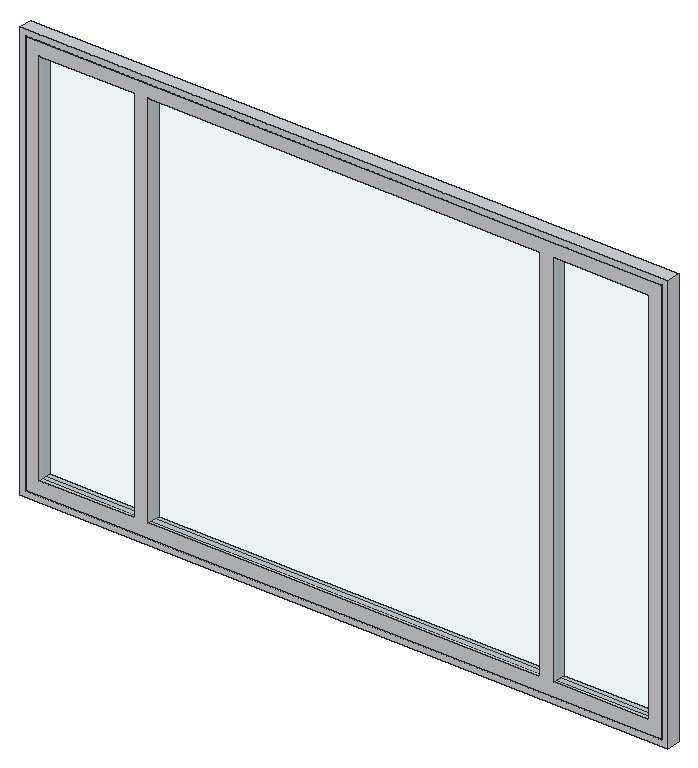
Revit family "AVLN_Окно_3 створки", category Окна, Revit 2021
Family settings
  Основа = Стена
  Номер OmniClass = 23.30.20.00
  Заголовок OmniClass = Windows
  Всегда вертикально = Да
  При загрузке вырезать с полостями = Нет
  Общий = Нет
  Точка принадлежности помещению = Нет
Parameters (values of type "Для копирования!")
  Ширина рамы = 70 mm
  Ширина импоста = 50 mm
  Четверть слева/справа = 50 mm
  Четверть низ = 0 mm  # constant formula
  Четверть верх = 50 mm
  Фрамуга_снизу_высота = 1000 mm
  Центр открывание = АВЛН_Створка открывная : Створка глухая
  Право открывание = АВЛН_Створка открывная : Створка глухая
  Лево открывание = АВЛН_Створка открывная : Створка глухая
  Створка_толщина = 25 mm  # constant formula
  Толщина основы [instance] = 200 mm
  Створка_ центр_ширина = Width - ((Монтажный зазор * 2) + (Ширина рамы * 4) + Створка_слева_ширина + Створка_справа_ширина)  # 2060 mm
  Створка_справа_ширина = 500 mm
  Створка_слева_ширина = 500 mm
  Створка_профиль = 50 mm
  Створка_высота = Height - ((Ширина рамы * 2) + (Монтажный зазор * 2))  # 2000 mm
  Rough Width = Width - Монтажный зазор * 2  # 3340 mm
  Rough Height = Height - Монтажный зазор * 2  # 2140 mm
  Подстановочный профиль_Ширина = 20 mm  # constant formula
  Подстановочный профиль_Толщина = 60 mm
  Подоконник_Толщина = 20 mm
  Подоконник_Длина = Width  # 3400 mm
  Подоконник_Глубина = 280 mm
  Подоконник = no
  Глубина вставки = 0 mm
  Отлив_Толщина = 1 mm  # constant formula
  Отлив_Длина = Width - [Четверть слева/справа] * 2  # 3300 mm
  Отлив_Глубина = 280 mm
  Отлив = no
  Откос_Н.Ширина = Width - 2 * [Четверть слева/справа]  # 3300 mm
  Откос_Н.Толщина.8 = 32 mm
  Откос_Н.Толщина.7 = 28 mm
  Откос_Н.Толщина.6 = 24 mm
  Откос_Н.Толщина.5 = 20 mm
  Откос_Н.Толщина.4 = 16 mm
  Откос_Н.Толщина.3 = 12 mm
  Откос_Н.Толщина.2 = 8 mm
  Откос_Н.Толщина.1 = 4 mm
  Откос_Н.Отступ_П = 0 mm  # constant formula
  Откос_Н.Отступ_Л = 0 mm  # constant formula
  Откос_Н.Количество слоев = 0
  Откос_Н.Глубина = 150 mm
  Откос_Н.Высота = Height - Четверть верх - Четверть низ  # 2150 mm
  Откос_В.Толщина.8 = 32 mm
  Откос_В.Толщина.7 = 28 mm
  Откос_В.Толщина.6 = 24 mm
  Откос_В.Толщина.5 = 20 mm
  Откос_В.Толщина.4 = 16 mm
  Откос_В.Толщина.3 = 12 mm
  Откос_В.Толщина.2 = 8 mm
  Откос_В.Толщина.1 = 4 mm
  Откос_В.Отступ_П [instance] = Монтажный зазор + Подоконник_Толщина  # 50 mm
  Откос_В.Отступ_Л [instance] = Монтажный зазор + Подоконник_Толщина  # 50 mm
  Откос_В.Количество слоев = 0
  Откос_В.Глубина [instance] = Толщина основы - Глубина вставки - Ширина рамы  # 130 mm
  Монтажный зазор = 30 mm
  М.Подоконник = none
  М.Отлив = none
  М.Откос_Н.8 = none
  М.Откос_Н.7 = none
  М.Откос_Н.6 = none
  М.Откос_Н.5 = none
  М.Откос_Н.4 = none
  М.Откос_Н.3 = none
  М.Откос_Н.2 = none
  М.Откос_Н.1 = none
  М.Откос_В.8 = none
  М.Откос_В.7 = none
  М.Откос_В.6 = none
  М.Откос_В.5 = none
  М.Откос_В.4 = none
  М.Откос_В.3 = none
  М.Откос_В.2 = none
  М.Откос_В.1 = none
  М.Монтажного зазора = none
  М.Стекла = Стекло
  М.Рамы = none
  М.Подоконный профиль = none
  Type Comments = ""
  Height = 2200 mm
  Высота подоконника по умолчанию = 800 mm
  Замыкание стены = По основе
  Width = 3400 mm
  Аналитическая конструкция = "<Нет>"
  АВЛН_Проем_Ширина [instance] = Width  # 3400 mm
  АВЛН_Проем_Высота [instance] = Height  # 2200 mm
  ADSK_Этаж [instance] = ""
  ADSK_Размер_Ширина = Width  # 3400 mm
  ADSK_Размер_Высота = Height  # 2200 mm
  ADSK_Примечание [instance] = ""
  ADSK_Площадь = Height * Width  # 7.48 m²
  ADSK_Обозначение = ""
  ADSK_Номер секции [instance] = ""
  ADSK_Наименование = ""
  ADSK_Марка = ""
  ADSK_Группирование = ""
  -----------Разрезка----------- = "-----------"  # constant formula
  -----------Профили----------- = "-----------"  # constant formula
  -----------Подоконник----------- = "-----------"  # constant formula
  -----------Отлив----------- = "-----------"  # constant formula
  -----------Откос----------- = "-----------"  # constant formula
  -----------Основные габариты----------- = "-----------"  # constant formula
  -----------Вставка----------- = "-----------"  # constant formula
Reference planes
  plane 1 "По центру (Вперед/Назад)": y = 0
  plane 2 "По центру (Влево/Вправо)": x = 0
  plane 3 "Слева": x = -1700
  plane 4 "Справа": x = 1700
  plane 5 "Подоконник": z = 800
  plane 6 "Заголовок": z = 3000
  plane 7 "Наружный": y = 100
  plane 8 "Внутренние": y = -100
  plane 9 "Окно": y = 100
  plane 10: x = 1670
  plane 11: z = 2970
  plane 12: x = -1670
  plane 13: z = 830
  plane 14: x = 1650
  plane 15: x = -1650
  plane 16: z = 1900
  plane 17: y = 600
  plane 18: y = -400
  plane 19: z = 2950
  plane 20 "Чет. низ": z = 800
  plane 21 "Внутренняя грань": y = 30
  plane 22: y = 80
  plane 23 "Импост низ": z = 1900
  plane 24: z = 900
  plane 25: z = 2900
  plane 26: x = -1600
  plane 27: x = 1600
  plane 28 "5": x = -1100
  plane 29 "7": x = 1030
  plane 30 "8": x = 1100
  plane 31 "9": x = -1065
  plane 32 "10": x = 1350
  plane 33 "11": x = -1350
  plane 34 "14": x = 0
  plane 35 "16": x = -1030
  plane 36: z = 1900
Forms (mm)
  Extrusion 1, void
    sketch origin (0, 100, 0) x (1, 0, 0) y (0, 0, 1)
      loop
        line (1650, 2950) -> (-1650, 2950) -> (-1650, 800) -> (1650, 800) -> (1650, 2950)
    from -500 to 20
  Extrusion 2, void
    sketch origin (0, 100, 0) x (1, 0, 0) y (0, 0, 1)
      loop
        line (1700, 3000) -> (-1700, 3000) -> (-1700, 800) -> (1700, 800) -> (1700, 3000)
    from 0 to 500
  Extrusion 3, solid, material <- "М.Монтажного зазора", detail levels medium+fine
    sketch origin (0, 100, 0) x (1, 0, 0) y (0, 0, 1)
      loop
        line (1700, 3000) -> (-1700, 3000) -> (-1700, 800) -> (1700, 800) -> (1700, 3000)
      loop
        line (-1670, 2970) -> (-1670, 830) -> (1670, 830) -> (1670, 2970) -> (-1670, 2970)
    from 0 to 70
  Extrusion 4, solid, material <- "М.Рамы", detail levels medium+fine
    sketch origin (0, 100, 0) x (-1, 0, 0) y (0, 0, 1)
      loop
        line (-1670, 2970) -> (-1670, 830) -> (1670, 830) -> (1670, 2970) -> (-1670, 2970)
      loop
        line (-1030, 900) -> (1030, 900) -> (1030, 2900) -> (-1030, 2900) -> (-1030, 900)
      loop
        line (-1100, 2900) -> (-1600, 2900) -> (-1600, 900) -> (-1100, 900) -> (-1100, 2900)
      loop
        line (1100, 2900) -> (1100, 900) -> (1600, 900) -> (1600, 2900) -> (1100, 2900)
    from -70 to 0
Lines and regions (mm)
  reference lines
    curve 1: line (1065, -100, 3000) -> (1065, -100, 800)
    curve 2: line (-1065, -100, 3000) -> (-1065, -100, 800)
Text (mm)
  text "EXTERIOR" at (-1963.203, 1332.353, 0), in view "Опорный уровень"
  text "INTERIOR" at (-1981.466, -818.386, 0), in view "Опорный уровень"
  text "Наружный" at (0, 923.751, 2943.296), in view "Справа"
  text "Наружный" at (0, 1240.237, 2685.409), in view "Слева"
Dimensions and locks
  equal spacing: plane 3 "Слева", plane 2 "По центру (Влево/Вправо)", plane 4 "Справа"
  "Width": plane 3 "Слева" to plane 4 "Справа"
  "Height": plane 5 "Подоконник" to plane 6 "Заголовок"
  "Высота подоконника по умолчанию": plane 5 "Подоконник" to level
  locked: plane 7 "Наружный" to host wall
  locked: plane 8 "Внутренние" to host wall
  "Глубина вставки": plane 9 "Окно" to plane 7 "Наружный"
  "Монтажный зазор": plane 10 to plane 4 "Справа"
  "Монтажный зазор": plane 3 "Слева" to plane 12
  "Монтажный зазор": plane 11 to plane 6 "Заголовок"
  "Монтажный зазор": plane 5 "Подоконник" to plane 13
  "Четверть слева/справа": plane 14 to plane 4 "Справа"
  "Четверть слева/справа": plane 3 "Слева" to plane 15
  equal spacing: plane 5 "Подоконник", plane 16, plane 6 "Заголовок"
  locked: plane 7 "Наружный" to plane 17 at 500
  locked: plane 18 to plane 8 "Внутренние" at 300
  "Четверть верх": plane 19 to plane 6 "Заголовок"
  "Четверть низ": plane 5 "Подоконник" to plane 20 "Чет. низ"
  "Ширина рамы": plane 9 "Окно" to plane 21 "Внутренняя грань"
  "Толщина основы": host wall to host wall
  locked: plane 22 to plane 21 "Внутренняя грань" at 50
  "Ширина рамы": plane 27 to plane 10
  "Ширина рамы": plane 12 to plane 26
  "Ширина рамы": plane 13 to plane 24
  "Ширина рамы": plane 25 to plane 11
  "Створка_слева_ширина": plane 26 to plane 28 "5"
  "Ширина рамы": plane 29 "7" to plane 30 "8"
  "Створка_справа_ширина": plane 30 "8" to plane 27
  equal spacing: plane 29 "7", curve 1, plane 30 "8"
  equal spacing: plane 30 "8", plane 32 "10", plane 27
  equal spacing: plane 26, plane 33 "11", plane 28 "5"
  equal spacing: plane 28 "5", plane 31 "9", plane 35 "16"
  equal spacing: plane 35 "16", plane 34 "14", plane 29 "7"
  equal spacing: plane 25, plane 36, plane 24
  "Ширина рамы": plane 28 "5" to plane 35 "16"
  aligned and locked: Extrusion 1 sketch curve to plane 14
  aligned and locked: Extrusion 1 sketch curve to plane 15
  aligned and locked: Extrusion 1 to plane 17
  aligned and locked: Extrusion 2 sketch curve to plane 6 "Заголовок"
  aligned and locked: Extrusion 2 sketch curve to plane 4 "Справа"
  aligned and locked: plane 5 "Подоконник" to Extrusion 2 sketch curve
  aligned and locked: plane 3 "Слева" to Extrusion 2 sketch curve
  aligned and locked: Extrusion 2 to plane 9 "Окно"
  aligned and locked: Extrusion 2 to plane 18
  aligned and locked: Extrusion 1 sketch curve to plane 19
  aligned and locked: Extrusion 1 sketch curve to plane 20 "Чет. низ"
  aligned and locked: plane 9 "Окно" to nested 1
  aligned and locked: plane 2 "По центру (Влево/Вправо)" to nested 1
  aligned and locked: nested 2 to plane 21 "Внутренняя грань"
  aligned and locked: nested 2 to plane 2 "По центру (Влево/Вправо)"
  aligned and locked: nested 3 to plane 2 "По центру (Влево/Вправо)"
  aligned and locked: plane 8 "Внутренние" to nested 3
  aligned and locked: nested 4 to plane 9 "Окно"
  aligned and locked: Extrusion 3 sketch curve to plane 6 "Заголовок"
  aligned and locked: Extrusion 3 sketch curve to plane 4 "Справа"
  aligned and locked: Extrusion 3 sketch curve to nested 2  (x2)
  aligned and locked: Extrusion 3 sketch curve to plane 11
  aligned and locked: Extrusion 3 sketch curve to plane 12
  aligned and locked: Extrusion 3 sketch curve to plane 13
  aligned and locked: Extrusion 3 sketch curve to plane 10
  aligned and locked: Extrusion 3 to nested 2
  aligned and locked: nested 4 to plane 20 "Чет. низ"
  aligned and locked: nested 4 to plane 2 "По центру (Влево/Вправо)"
  aligned and locked: Extrusion 3 to plane 9 "Окно"
  aligned and locked: Extrusion 4 to plane 21 "Внутренняя грань"
  aligned and locked: Extrusion 4 to plane 9 "Окно"
  aligned and locked: Extrusion 1 to plane 22
  aligned and locked: plane 6 "Заголовок" to curve 1
  aligned and locked: plane 5 "Подоконник" to curve 1
  aligned and locked: plane 31 "9" to curve 2
  aligned and locked: plane 36 to nested 5
  aligned and locked: plane 33 "11" to nested 5
  aligned and locked: plane 36 to nested 6
  aligned and locked: plane 34 "14" to nested 6
  aligned and locked: nested 7 to plane 36
  aligned and locked: plane 32 "10" to nested 7
  aligned and locked: Extrusion 4 sketch curve to plane 10
  aligned and locked: Extrusion 4 sketch curve to plane 13
  aligned and locked: Extrusion 4 sketch curve to plane 12
  aligned and locked: Extrusion 4 sketch curve to plane 11
  aligned and locked: Extrusion 4 sketch curve to plane 24  (x2)
  aligned and locked: plane 24 to Extrusion 4 sketch curve
  aligned and locked: plane 25 to Extrusion 4 sketch curve  (x2)
  aligned and locked: Extrusion 4 sketch curve to plane 25
  aligned and locked: Extrusion 4 sketch curve to plane 27
  aligned and locked: plane 30 "8" to Extrusion 4 sketch curve
  aligned and locked: plane 29 "7" to Extrusion 4 sketch curve
  aligned and locked: Extrusion 4 sketch curve to plane 35 "16"
  aligned and locked: plane 28 "5" to Extrusion 4 sketch curve
  aligned and locked: Extrusion 4 sketch curve to plane 26
  aligned and locked: plane 2 "По центру (Влево/Вправо)" to nested 8
Automatic sketch dimensions
  curve 2 to plane 6 "Заголовок" = 0 mm
  curve 2 to plane 5 "Подоконник" = 0 mm
Nested families
  nested 1: "Отлив" at (0, 100, 800) x (-1, 0, 0) z (0, 0, 1), Глубина отлива <- "Отлив_Глубина", Длина отлива <- "Отлив_Длина", ТО <- "Отлив_Толщина", Ш_МЗЗ <- "Монтажный зазор", Ш_ПП <- "Подстановочный профиль_Ширина", ADSK_Группирование <- "ADSK_Группирование", ADSK_Номер секции <- "ADSK_Номер секции", ADSK_Этаж <- "ADSK_Этаж", visible <- "Отлив", М <- "М.Отлив", type "Отлив", detail levels fine
    with Ш_ПП 20 mm, Ш_МЗЗ 30 mm, ТО 1 mm, М none, Длина отлива 3300 mm, Глубина отлива 280 mm, ADSK_Этаж "", ADSK_Примечание "", ADSK_Обозначение "", ADSK_Номер секции "", ADSK_Наименование "", ADSK_Марка "", ADSK_Группирование ""
  nested 2: "Подоконник" at (0, 30, 800), Глубина подоконника <- "Подоконник_Глубина", Длина отлива <- "Подоконник_Длина", ТП <- "Подоконник_Толщина", Ш_МЗЗ <- "Монтажный зазор", Ш_ПП <- "Подстановочный профиль_Ширина", ADSK_Группирование <- "ADSK_Группирование", ADSK_Номер секции <- "ADSK_Номер секции", ADSK_Этаж <- "ADSK_Этаж", visible <- "Подоконник", М <- "М.Подоконник", type "Подоконник", detail levels fine
    with Ш_ПП 20 mm, Ш_МЗЗ 30 mm, ТП 20 mm, М none, Длина отлива 3400 mm, Глубина подоконника 280 mm, ADSK_Этаж "", ADSK_Примечание "", ADSK_Обозначение "", ADSK_Номер секции "", ADSK_Наименование "", ADSK_Марка "", ADSK_Группирование ""
  nested 3: "AVLN_Откосы_R19" at (0, -100, 0), Глубина <- "Откос_В.Глубина", Высота от уровня <- "Высота подоконника по умолчанию", ADSK_Группирование <- "Type Comments", ADSK_Этаж <- "ADSK_Этаж", ADSK_Номер секции <- "ADSK_Номер секции", Материал_1 <- "М.Откос_В.1", Материал_2 <- "М.Откос_В.2", Материал_3 <- "М.Откос_В.3", Материал_4 <- "М.Откос_В.4", Материал_5 <- "М.Откос_В.5", Материал_6 <- "М.Откос_В.6", Материал_7 <- "М.Откос_В.7", Материал_8 <- "М.Откос_В.8", Толщина_1 <- "Откос_В.Толщина.1", Толщина_2 <- "Откос_В.Толщина.2", Толщина_3 <- "Откос_В.Толщина.3", Толщина_4 <- "Откос_В.Толщина.4", Толщина_5 <- "Откос_В.Толщина.5", Толщина_6 <- "Откос_В.Толщина.6", Толщина_7 <- "Откос_В.Толщина.7", Толщина_8 <- "Откос_В.Толщина.8", Количество слоев <- "Откос_В.Количество слоев", Отступ_Л <- "Откос_В.Отступ_Л", Отступ_П <- "Откос_В.Отступ_П", Высота <- "Height", Ширина <- "Width", type "AVLN_Откосы_R19"
    with Ширина_8 3176 mm, Ширина_7 3232 mm, Ширина_6 3280 mm, Ширина_5 3320 mm, Ширина_4 3352 mm, Ширина_3 3376 mm, Ширина_2 3392 mm, Ширина 3400 mm, Толщина_8 32 mm, Толщина_7 28 mm, Толщина_6 24 mm, Толщина_5 20 mm, Толщина_4 16 mm, Толщина_3 12 mm, Толщина_2 8 mm, Толщина_1 4 mm, Отступ_П 50 mm, Отступ_Л 50 mm, Материал_8 none, Материал_7 none, Материал_6 none, Материал_5 none, Материал_4 none, Материал_3 none, Материал_2 none, Материал_1 none, Количество слоев 0, Глубина 130 mm, Высота_8 2088 mm, Высота_7 2116 mm, Высота_6 2140 mm, Высота_5 2160 mm, Высота_4 2176 mm, Высота_3 2188 mm, Высота_2 2196 mm, Высота от уровня 800 mm, Высота 2200 mm, Видимость_8 no, Видимость_7 no, Видимость_6 no, Видимость_5 no, Видимость_4 no, Видимость_3 no, Видимость_2 no, Видимость_1 no, ADSK_Этаж "", ADSK_Номер секции "", ADSK_Группирование ""
  nested 4: "AVLN_Откосы_R19" at (0, 100, 0), Ширина <- "Откос_Н.Ширина", Глубина <- "Откос_Н.Глубина", Высота <- "Откос_Н.Высота", Высота от уровня <- "Высота подоконника по умолчанию", ADSK_Группирование <- "Type Comments", ADSK_Этаж <- "ADSK_Этаж", ADSK_Номер секции <- "ADSK_Номер секции", Материал_1 <- "М.Откос_Н.1", Материал_2 <- "М.Откос_Н.2", Материал_3 <- "М.Откос_Н.3", Материал_4 <- "М.Откос_Н.4", Материал_5 <- "М.Откос_Н.5", Материал_6 <- "М.Откос_Н.6", Материал_7 <- "М.Откос_Н.7", Материал_8 <- "М.Откос_Н.8", Толщина_1 <- "Откос_Н.Толщина.1", Толщина_2 <- "Откос_Н.Толщина.2", Толщина_3 <- "Откос_Н.Толщина.3", Толщина_4 <- "Откос_Н.Толщина.4", Толщина_5 <- "Откос_Н.Толщина.5", Толщина_6 <- "Откос_Н.Толщина.6", Толщина_7 <- "Откос_Н.Толщина.7", Толщина_8 <- "Откос_Н.Толщина.8", Количество слоев <- "Откос_Н.Количество слоев", Отступ_Л <- "Откос_Н.Отступ_Л", Отступ_П <- "Откос_Н.Отступ_П", type "AVLN_Откосы_R19"
    with Ширина_8 3076 mm, Ширина_7 3132 mm, Ширина_6 3180 mm, Ширина_5 3220 mm, Ширина_4 3252 mm, Ширина_3 3276 mm, Ширина_2 3292 mm, Ширина 3300 mm, Толщина_8 32 mm, Толщина_7 28 mm, Толщина_6 24 mm, Толщина_5 20 mm, Толщина_4 16 mm, Толщина_3 12 mm, Толщина_2 8 mm, Толщина_1 4 mm, Отступ_П 0 mm, Отступ_Л 0 mm, Материал_8 none, Материал_7 none, Материал_6 none, Материал_5 none, Материал_4 none, Материал_3 none, Материал_2 none, Материал_1 none, Количество слоев 0, Глубина 150 mm, Высота_8 2038 mm, Высота_7 2066 mm, Высота_6 2090 mm, Высота_5 2110 mm, Высота_4 2126 mm, Высота_3 2138 mm, Высота_2 2146 mm, Высота от уровня 800 mm, Высота 2150 mm, Видимость_8 no, Видимость_7 no, Видимость_6 no, Видимость_5 no, Видимость_4 no, Видимость_3 no, Видимость_2 no, Видимость_1 no, ADSK_Этаж "", ADSK_Номер секции "", ADSK_Группирование ""
  nested 5: "АВЛН_Створка открывная" at (-1350, 30, 1900) x (1, 0, 0) z (0, 1, 0), Створка высота <- "Створка_высота", Створка ширина <- "Створка_слева_ширина", Ширина рамы <- "Створка_профиль", type <- "Лево открывание", Материал_Стеклопакет <- "М.Стекла", Материал_Рама <- "М.Рамы", type "Створка глухая", detail levels medium+fine
    with Ширина рамы 50 mm, Створка ширина 500 mm, Створка высота 2000 mm, Материал_Стеклопакет Стекло, Материал_Ручки ПВХ белый, Материал_Рама none, Width 500 mm, Height 2000 mm
  nested 6: "АВЛН_Створка открывная" at (0, 30, 1900) x (1, 0, 0) z (0, 1, 0), Створка высота <- "Створка_высота", Створка ширина <- "Створка_ центр_ширина", Ширина рамы <- "Створка_профиль", type <- "Центр открывание", Материал_Стеклопакет <- "М.Стекла", Материал_Рама <- "М.Рамы", type "Створка глухая", detail levels medium+fine
    with Ширина рамы 50 mm, Створка ширина 2060 mm, Створка высота 2000 mm, Материал_Стеклопакет Стекло, Материал_Ручки ПВХ белый, Материал_Рама none, Width 500 mm, Height 2000 mm
  nested 7: "АВЛН_Створка открывная" at (1350, 30, 1900) x (1, 0, 0) z (0, 1, 0), type <- "Право открывание", Створка высота <- "Створка_высота", Створка ширина <- "Створка_справа_ширина", Ширина рамы <- "Створка_профиль", Материал_Стеклопакет <- "М.Стекла", Материал_Рама <- "М.Рамы", type "Створка глухая", detail levels medium+fine
    with Ширина рамы 50 mm, Створка ширина 500 mm, Створка высота 2000 mm, Материал_Стеклопакет Стекло, Материал_Ручки ПВХ белый, Материал_Рама none, Width 500 mm, Height 2000 mm
  nested 8: "AVLN_Обозначение проема" at (0, 100, 1925) x (0, 0, -1) z (0, -1, 0), ADSK_Размер_Высота <- "АВЛН_Проем_Ширина", ADSK_Размер_Ширина <- "АВЛН_Проем_Высота", type "AVLN_Обозначение проема", detail levels coarse
    with ADSK_Размер_Ширина 2200 mm, ADSK_Размер_Высота 3400 mm
Definition of nested family "Отлив"
  Parameters (values of type "Отлив")
    Ш_ПП [instance] = 50 mm
    Ш_МЗЗ [instance] = 35 mm
    ТО [instance] = 1 mm
    Default Elevation = 1219.2 mm
    М [instance] = none
    Длина отлива [instance] = 1560 mm
    Глубина отлива [instance] = 280 mm
    ADSK_Этаж [instance] = ""
    ADSK_Примечание [instance] = ""
    ADSK_Обозначение [instance] = ""
    ADSK_Номер секции [instance] = ""
    ADSK_Наименование [instance] = ""
    ADSK_Марка [instance] = ""
    ADSK_Группирование [instance] = ""
  Reference planes
    plane 1 "По центру (Вперед/Назад)": y = 0
    plane 2: z = 0
    plane 3 "По центру (Влево/Вправо)": x = 0
    plane 4: y = -280
    plane 5: x = -780
    plane 6: x = 780
    plane 7: z = 35
    plane 8: z = 85
    plane 9: y = -1
    plane 10: y = -300
    plane 11: y = -301
    plane 12: z = -35
    plane 13: z = 34
  Forms (mm)
    Extrusion 1, solid, material <- "М"
      sketch origin (0, 0, 0) x (0, 1, 0) y (0, 0, 1)
        loop
          line (0, 85) -> (-1, 85) -> (-1, 34.893) -> (-301, 0.893) -> (-301, -35) -> (-300, -35) -> (-300, 0) -> (0, 34) -> (0, 85)
      from -780 to 780
  Dimensions and locks
    equal spacing: plane 5, plane 3 "По центру (Влево/Вправо)", plane 6
    "Длина отлива": plane 5 to plane 6
    "Глубина отлива": plane 4 to plane 1 "По центру (Вперед/Назад)"
    "Ш_МЗЗ": plane 7 to level
    "Ш_ПП": plane 8 to plane 7
    "ТО": plane 1 "По центру (Вперед/Назад)" to plane 9
    "ТО": plane 10 to plane 11
    locked: level to plane 12 at 35
    "ТО": plane 7 to plane 13
    "ТО": Extrusion 1 sketch curve to Extrusion 1 sketch curve
    locked: plane 4 to plane 10 at 20
    aligned and locked: level to plane 2
    aligned and locked: plane 8 to Extrusion 1 sketch curve
    aligned and locked: plane 9 to Extrusion 1 sketch curve
    aligned and locked: plane 11 to Extrusion 1 sketch curve
    aligned and locked: plane 12 to Extrusion 1 sketch curve
    aligned and locked: plane 1 "По центру (Вперед/Назад)" to Extrusion 1 sketch curve  (x2)
    aligned and locked: plane 13 to Extrusion 1 sketch curve
    aligned and locked: level to Extrusion 1 sketch curve
    aligned and locked: plane 10 to Extrusion 1 sketch curve
    aligned and locked: plane 6 to Extrusion 1
    aligned and locked: Extrusion 1 to plane 5
Definition of nested family "Подоконник"
  Parameters (values of type "Подоконник")
    Ш_ПП [instance] = 50 mm
    Ш_МЗЗ [instance] = 35 mm
    ТП [instance] = 20 mm
    Default Elevation = 1219.2 mm
    М [instance] = none
    Длина отлива [instance] = 1560 mm
    Глубина подоконника [instance] = 280 mm
    ADSK_Этаж [instance] = ""
    ADSK_Примечание [instance] = ""
    ADSK_Обозначение [instance] = ""
    ADSK_Номер секции [instance] = ""
    ADSK_Наименование [instance] = ""
    ADSK_Марка [instance] = ""
    ADSK_Группирование [instance] = ""
  Reference planes
    plane 1 "По центру (Вперед/Назад)": y = 0
    plane 2: z = 0
    plane 3 "По центру (Влево/Вправо)": x = 0
    plane 4: y = -280
    plane 5: x = -780
    plane 6: x = 780
    plane 7: z = 35
    plane 8: z = 85
    plane 9: y = -20
    plane 10: y = -290
    plane 11: y = -310
    plane 12: z = -35
    plane 13: z = 15
    plane 14: z = 65
  Forms (mm)
    Extrusion 1, solid, material <- "М"
      sketch origin (0, 0, 0) x (0, 1, 0) y (0, 0, 1)
        loop
          line (0, 85) -> (-310, 85) -> (-310, 0) -> (-290, 0) -> (-290, 65) -> (0, 65) -> (0, 85)
      from -780 to 780
  Dimensions and locks
    equal spacing: plane 5, plane 3 "По центру (Влево/Вправо)", plane 6
    "Длина отлива": plane 5 to plane 6
    "Глубина подоконника": plane 4 to plane 1 "По центру (Вперед/Назад)"
    "Ш_МЗЗ": plane 7 to level
    "Ш_ПП": plane 8 to plane 7
    "ТП": plane 1 "По центру (Вперед/Назад)" to plane 9
    "ТП": plane 10 to plane 11
    locked: level to plane 12 at 35
    "ТП": plane 7 to plane 13
    locked: plane 4 to plane 10 at 10
    "ТП": plane 8 to plane 14
    aligned and locked: level to plane 2
    aligned and locked: plane 8 to Extrusion 1 sketch curve
    aligned and locked: plane 1 "По центру (Вперед/Назад)" to Extrusion 1 sketch curve
    aligned and locked: plane 10 to Extrusion 1 sketch curve
    aligned and locked: plane 11 to Extrusion 1 sketch curve
    aligned and locked: level to Extrusion 1 sketch curve
    aligned and locked: plane 14 to Extrusion 1 sketch curve
    aligned and locked: Extrusion 1 to plane 5
    aligned and locked: plane 6 to Extrusion 1
Definition of nested family "АВЛН_Створка открывная"
  Parameters (values of type "Створка повороно-откидная правая")
    Ширина рамы [instance] = 50 mm
    Width = 600 mm
    Створка ширина [instance] = 800 mm
    Створка высота [instance] = 700 mm
    Материал_Стеклопакет [instance] = none
    Поворотная Правая = yes
    Поворотная Левая = no
    Default Elevation = 1219.2 mm
    Открываная = yes
    Откидная = yes
    Материал_Ручки [instance] = none
    Материал_Рама [instance] = none
    Левая = yes
    Глухое = no
    Height = 1150 mm
    Analytic Construction = "<Нет>"
  Types (6, lengths in mm): name | Поворотная Правая | Поворотная Левая | Открываная | Откидная | Глухое
    Створка повороно-откидная правая | yes | no | yes | yes | no
    Створка повороно-откидная левая | no | yes | yes | yes | no
    Створка глухая | no | no | no | no | yes
    Створка откидная | no | no | yes | yes | no
    Створка поворотная правая | yes | no | yes | no | no
    Створка поворотная левая | no | yes | yes | no | no
  Reference planes
    plane 1 "По центру (Вперед/Назад)": y = 0
    plane 2 "Внутрення грань": z = 0
    plane 3 "По центру (Влево/Вправо)": x = 0
    plane 4: y = 350
    plane 5: x = 400
    plane 6: y = -350
    plane 7: x = -400
    plane 8 "Наружняя грань": z = 60.433
    plane 9 "По центру Л/Р": z = 30.216
  Forms (mm)
    Extrusion 1, solid
      sketch origin (0, 0, 0) x (1, 0, 0) y (0, 1, 0)
        loop
          line (-1219.2, 1219.2) -> (-1219.2, -1219.2) -> (1219.2, -1219.2) -> (1219.2, 1219.2) -> (-1219.2, 1219.2)
      from 0 to -304.8
    Sweep 2, solid, material <- "Материал_Рама", visible <- "Открываная"
      path origin (0, 0, 0) x (1, 0, 0) y (0, 1, 0)
        loop
          line (400, 350) -> (-400, 350) -> (-400, -350) -> (400, -350) -> (400, 350)
      profile origin (0, 350, 0) x (0, -1, 0) y (0, 0, 1)
        loop
          line (0, 0) -> (50, 0) -> (50, 60.433) -> (0, 60.433) -> (0, 0)
    Extrusion 3, solid, material <- "Материал_Стеклопакет", visible <- "Открываная"
      sketch origin (0, 0, 0) x (1, 0, 0) y (0, 1, 0)
        loop
          line (-350, 300) -> (-350, -300) -> (350, -300) -> (350, 300) -> (-350, 300)
      from 17.481 to 42.952
    Extrusion 4, solid, material <- "Материал_Стеклопакет", visible <- "Глухое"
      sketch origin (0, 0, 0) x (1, 0, 0) y (0, 1, 0)
        loop
          line (-400, 350) -> (-400, -350) -> (400, -350) -> (400, 350) -> (-400, 350)
      from 17.481 to 42.952
  Lines and regions (mm)
    model lines, visible <- "Глухое", detail levels medium+fine
      curve 1: line (0, 50, 60.433) -> (0, -50, 60.433)
      curve 2: line (50, 0, 60.433) -> (-50, 0, 60.433)
      curve 17: line (0, 50, 0) -> (0, -50, 0)
      curve 18: line (50, 0, 0) -> (-50, 0, 0)
    model lines, visible <- "Глухое", not visible, detail levels medium+fine
      curve 3: line (60, 38.001, 60.433) -> (60, -61.999, 60.433)
      curve 4: line (110, -11.999, 60.433) -> (10, -11.999, 60.433)
    model lines, visible <- "Поворотная Правая", detail levels medium+fine
      curve 5: line (400, 350, 0) -> (-400, 0, 0)
      curve 6: line (400, -350, 0) -> (-400, 0, 0)
      curve 13: line (400, 350, 60.433) -> (-400, 0, 60.433)
      curve 14: line (400, -350, 60.433) -> (-400, 0, 60.433)
    model lines, visible <- "Откидная", detail levels medium+fine
      curve 7: line (-400, -350, 0) -> (0, 350, 0)
      curve 8: line (0, 350, 0) -> (400, -350, 0)
      curve 15: line (-400, -350, 60.433) -> (0, 350, 60.433)
      curve 16: line (0, 350, 60.433) -> (400, -350, 60.433)
    model lines, visible <- "Поворотная Левая", detail levels medium+fine
      curve 9: line (-400, 350, 0) -> (400, 0, 0)
      curve 10: line (-400, -350, 0) -> (400, 0, 0)
      curve 11: line (-400, 350, 60.433) -> (400, 0, 60.433)
      curve 12: line (-400, -350, 60.433) -> (400, 0, 60.433)
  Dimensions and locks
    "Створка высота": plane 4 to plane 6
    "Створка ширина": plane 7 to plane 5
    equal spacing: plane 7, plane 3 "По центру (Влево/Вправо)", plane 5
    equal spacing: plane 6, plane 1 "По центру (Вперед/Назад)", plane 4
    plane 2 "Внутрення грань" to plane 8 "Наружняя грань" = 60.433 mm
    level to Extrusion 4 = 42.952 mm
    plane 8 "Наружняя грань" to level = 60.433 mm
    equal spacing: Extrusion 3, plane 9 "По центру Л/Р", Extrusion 3
    equal spacing: plane 8 "Наружняя грань", plane 9 "По центру Л/Р", level
    Extrusion 3 to Extrusion 3 = 25.471 mm
    "Ширина рамы": profile plane to Sweep 2 sketch curve
    equal spacing: Extrusion 4, plane 9 "По центру Л/Р", Extrusion 4, locked at 12.735 each
    locked: Extrusion 4 to Extrusion 4 at 25.471
    equal spacing: Sweep 2, nested 1, Sweep 2
    equal spacing: Sweep 2, nested 2, Sweep 2
    aligned and locked: plane 2 "Внутрення грань" to Extrusion 1
    aligned and locked: level to Extrusion 1
    aligned and locked: plane 4 to Sweep 2 sketch curve
    aligned and locked: plane 5 to Sweep 2 sketch curve
    aligned and locked: plane 6 to Sweep 2 sketch curve
    aligned and locked: Sweep 2 sketch curve to plane 7
    aligned and locked: Extrusion 3 sketch curve to Sweep 2  (x4)
    aligned and locked: Extrusion 4 sketch curve to Sweep 2  (x3)
    aligned and locked: Extrusion 4 sketch curve to plane 5
    aligned and locked: Sweep 2 sketch curve to plane 8 "Наружняя грань"
    aligned and locked: plane 6 to Extrusion 4
    aligned and locked: plane 4 to Extrusion 4
    aligned and locked: curve 2 to plane 1 "По центру (Вперед/Назад)"
    aligned and locked: curve 1 to plane 3 "По центру (Влево/Вправо)"
    aligned and locked: curve 18 to plane 1 "По центру (Вперед/Назад)"
    aligned and locked: curve 17 to plane 3 "По центру (Влево/Вправо)"
    aligned and locked: nested 2 to plane 1 "По центру (Вперед/Назад)"
    aligned and locked: nested 1 to plane 1 "По центру (Вперед/Назад)"
  Automatic sketch dimensions
    Extrusion 1 sketch curve to Extrusion 1 sketch curve = 2438.4 mm  (x2)
    plane 1 "По центру (Вперед/Назад)" to curve 5 = 0 mm
    curve 5 to plane 7 = 0 mm
    curve 9 to plane 4 = 0 mm
    curve 9 to plane 7 = 0 mm
    plane 6 to curve 7 = 0 mm
    curve 7 to plane 7 = 0 mm
    curve 7 to plane 3 "По центру (Влево/Вправо)" = 0 mm
    curve 6 to plane 5 = 0 mm
    plane 1 "По центру (Вперед/Назад)" to curve 9 = 0 mm
    curve 9 to plane 5 = 0 mm
    curve 5 to plane 4 = 0 mm
    curve 5 to plane 5 = 0 mm
    plane 6 to curve 8 = 0 mm
    curve 8 to plane 4 = 0 mm
    curve 11 to plane 4 = 0 mm
    curve 11 to plane 7 = 0 mm
    plane 6 to curve 15 = 0 mm
    curve 15 to plane 7 = 0 mm
    plane 1 "По центру (Вперед/Назад)" to curve 14 = 0 mm
    curve 14 to plane 7 = 0 mm
    curve 15 to plane 3 "По центру (Влево/Вправо)" = 0 mm
    plane 1 "По центру (Вперед/Назад)" to curve 11 = 0 mm
    curve 11 to plane 5 = 0 mm
    curve 14 to plane 5 = 0 mm
    curve 13 to plane 4 = 0 mm
    curve 13 to plane 5 = 0 mm
    plane 6 to curve 14 = 0 mm
    curve 15 to plane 4 = 0 mm
    plane 1 "По центру (Вперед/Назад)" to curve 2 = 0 mm
    curve 1 to plane 3 "По центру (Влево/Вправо)" = 0 mm
    curve 2 to plane 3 "По центру (Влево/Вправо)" = 50 mm
    plane 3 "По центру (Влево/Вправо)" to curve 2 = 50 mm
    plane 1 "По центру (Вперед/Назад)" to curve 1 = 50 mm
    curve 1 to plane 1 "По центру (Вперед/Назад)" = 50 mm
    curve 18 to curve 17 = 50 mm
    curve 17 to curve 18 = 50 mm
    plane 1 "По центру (Вперед/Назад)" to curve 17 = 50 mm
    curve 17 to plane 1 "По центру (Вперед/Назад)" = 50 mm
    Sweep 2 sketch curve to level = 0 mm
    Sweep 2 sketch curve to profile plane = 0 mm
  Nested families
    nested 1: "АВЛН_Ручка" at (375, 1040, 0) x (1, 0, 0) z (0, -1, 0), visible <- "Поворотная Левая", Материал дверной ручки <- "Материал_Рама", type "АВЛН_Ручка", detail levels fine
      with Материал дверной ручки none, Высота расположения дверной ручки 1040 mm
    nested 2: "АВЛН_Ручка" at (-375, 1040, 0) x (1, 0, 0) z (0, -1, 0), visible <- "Поворотная Правая", Материал дверной ручки <- "Материал_Рама", type "АВЛН_Ручка", detail levels fine
      with Материал дверной ручки none, Высота расположения дверной ручки 1040 mm
  Definition of nested family "АВЛН_Ручка"
    Parameters (values of type "АВЛН_Ручка")
      Default Elevation = 1219.2 mm
      Материал дверной ручки [instance] = none
      Высота расположения дверной ручки [instance] = 1040 mm
      Analytic Construction = "<Нет>"
      b = 25 mm
      a = 75 mm
    Reference planes
      plane 1 "По центру (Вперед/Назад)": y = 0
      plane 2: z = 0
      plane 3 "По центру (Влево/Вправо)": x = 0
      plane 4: z = 1040
      plane 5: x = 12.5
      plane 6: x = -12.5
      plane 7: z = 1002.5
      plane 8: z = 1077.5
      plane 9: y = -15
    Forms (mm)
      Extrusion 1, solid, material <- "Материал дверной ручки"
        sketch origin (0, 0, 2080) x (-1, 0, 0) y (0, 0, -1)
          loop
            arc (-2.5, 1077.5) -> (-9.571, 1074.571) -> (-12.5, 1067.5) r 10
            line (-12.5, 1067.5) -> (-12.5, 1012.5)
            arc (-12.5, 1012.5) -> (-9.571, 1005.429) -> (-2.5, 1002.5) r 10
            line (-2.5, 1002.5) -> (2.5, 1002.5)
            arc (2.5, 1002.5) -> (9.571, 1005.429) -> (12.5, 1012.5) r 10
            line (12.5, 1012.5) -> (12.5, 1067.5)
            arc (12.5, 1067.5) -> (9.571, 1074.571) -> (2.5, 1077.5) r 10
            line (2.5, 1077.5) -> (-2.5, 1077.5)
        from 0 to 15
      Sweep 2, solid, material <- "Материал дверной ручки"
        path origin (-1040, 0, 1040) x (0, 0, -1) y (0, 1, 0)
          loop
            line (0, -15) -> (0, -38.261)
            arc (0, -38.261) -> (-2.929, -45.332) -> (-10, -48.261) r 10
            line (-10, -48.261) -> (-130, -48.261)
        profile origin (-1040, -26.63, 1040) x (0, 0, -1) y (1, 0, 0)
          loop
            circle (0, 1040) r 8
    Dimensions and locks
      "Высота расположения дверной ручки": plane 4 to level
      "a": plane 7 to plane 8
      "b": plane 6 to plane 5
      plane 6 to plane 5 = 25 mm
      locked: plane 1 "По центру (Вперед/Назад)" to plane 9 at 15
      plane 7 to plane 8 = 75 mm
      aligned and locked: level to plane 2
      aligned and locked: Extrusion 1 sketch curve to plane 7
      aligned and locked: plane 5 to Extrusion 1 sketch curve
      aligned and locked: plane 8 to Extrusion 1 sketch curve
      aligned and locked: Extrusion 1 sketch curve to plane 6
      aligned and locked: Extrusion 1 to plane 1 "По центру (Вперед/Назад)"
    Automatic sketch dimensions
      Sweep 2 sketch curve to plane 9 = 0 mm
      plane 4 to Sweep 2 sketch curve = 10 mm
      plane 9 to Sweep 2 sketch curve = 23.261 mm
      Sweep 2 sketch curve to Sweep 2 sketch curve = 120 mm
      Sweep 2 sketch curve to profile plane = 0 mm
      profile plane to Sweep 2 sketch curve = 1040 mm
      Sweep 2 sketch curve to plane 4 = 0 mm
      plane 3 "По центру (Влево/Вправо)" to Extrusion 1 sketch curve = 2.5 mm  (x2)
      Extrusion 1 sketch curve to plane 3 "По центру (Влево/Вправо)" = 2.5 mm  (x2)
      radius of Sweep 2 sketch curve = 8 mm
Definition of nested family "AVLN_Откосы_R19"
  Parameters (values of type "AVLN_Откосы_R19")
    Ширина_8 [instance] = Ширина_7 - Толщина_7 * 2  # 776 mm
    Ширина_7 [instance] = Ширина_6 - Толщина_6 * 2  # 832 mm
    Ширина_6 [instance] = Ширина_5 - Толщина_5 * 2  # 880 mm
    Ширина_5 [instance] = Ширина_4 - Толщина_4 * 2  # 920 mm
    Ширина_4 [instance] = Ширина_3 - Толщина_3 * 2  # 952 mm
    Ширина_3 [instance] = Ширина_2 - Толщина_2 * 2  # 976 mm
    Ширина_2 [instance] = Ширина - Толщина_1 * 2  # 992 mm
    Ширина [instance] = 1000 mm
    Толщина_8 [instance] = 32 mm
    Толщина_7 [instance] = 28 mm
    Толщина_6 [instance] = 24 mm
    Толщина_5 [instance] = 20 mm
    Толщина_4 [instance] = 16 mm
    Толщина_3 [instance] = 12 mm
    Толщина_2 [instance] = 8 mm
    Толщина_1 [instance] = 4 mm
    Отступ_П [instance] = 0 mm
    Отступ_Л [instance] = 0 mm
    Default Elevation = 1219.2 mm
    Материал_8 [instance] = none
    Материал_7 [instance] = none
    Материал_6 [instance] = none
    Материал_5 [instance] = none
    Материал_4 [instance] = none
    Материал_3 [instance] = none
    Материал_2 [instance] = none
    Материал_1 [instance] = none
    Type Comments = ""
    Количество слоев [instance] = 8
    Глубина [instance] = 200 mm
    Высота_8 [instance] = Высота_7 - Толщина_7  # 1388 mm
    Высота_7 [instance] = Высота_6 - Толщина_6  # 1416 mm
    Высота_6 [instance] = Высота_5 - Толщина_5  # 1440 mm
    Высота_5 [instance] = Высота_4 - Толщина_4  # 1460 mm
    Высота_4 [instance] = Высота_3 - Толщина_3  # 1476 mm
    Высота_3 [instance] = Высота_2 - Толщина_2  # 1488 mm
    Высота_2 [instance] = Высота - Толщина_1  # 1496 mm
    Высота от уровня [instance] = 377.189 mm
    Высота [instance] = 1500 mm
    Видимость_8 [instance] = Количество слоев > 7  # yes
    Видимость_7 [instance] = Количество слоев > 6  # yes
    Видимость_6 [instance] = Количество слоев > 5  # yes
    Видимость_5 [instance] = Количество слоев > 4  # yes
    Видимость_4 [instance] = Количество слоев > 3  # yes
    Видимость_3 [instance] = Количество слоев > 2  # yes
    Видимость_2 [instance] = Количество слоев > 1  # yes
    Видимость_1 [instance] = Количество слоев > 0  # yes
    ADSK_Этаж [instance] = ""
    ADSK_Номер секции [instance] = ""
    ADSK_Группирование [instance] = ""
  Reference planes
    plane 1 "По центру (Вперед/Назад)": y = 0
    plane 2: z = 0
    plane 3 "По центру (Влево/Вправо)": x = 0
    plane 4: y = 200
    plane 5: z = 377.189
  Dimensions and locks
    "Глубина": plane 4 to plane 1 "По центру (Вперед/Назад)"
    "Высота от уровня": plane 5 to level
    aligned and locked: level to plane 2
    aligned and locked: plane 3 "По центру (Влево/Вправо)" to nested 1
    aligned and locked: nested 1 to plane 1 "По центру (Вперед/Назад)"
    aligned and locked: plane 3 "По центру (Влево/Вправо)" to nested 2
    aligned and locked: nested 2 to plane 1 "По центру (Вперед/Назад)"
    aligned and locked: plane 3 "По центру (Влево/Вправо)" to nested 3
    aligned and locked: nested 3 to plane 1 "По центру (Вперед/Назад)"
    aligned and locked: plane 3 "По центру (Влево/Вправо)" to nested 4
    aligned and locked: nested 4 to plane 1 "По центру (Вперед/Назад)"
    aligned and locked: plane 3 "По центру (Влево/Вправо)" to nested 5
    aligned and locked: nested 5 to plane 1 "По центру (Вперед/Назад)"
    aligned and locked: plane 3 "По центру (Влево/Вправо)" to nested 6
    aligned and locked: nested 6 to plane 1 "По центру (Вперед/Назад)"
    aligned and locked: plane 3 "По центру (Влево/Вправо)" to nested 7
    aligned and locked: nested 7 to plane 1 "По центру (Вперед/Назад)"
    aligned and locked: plane 3 "По центру (Влево/Вправо)" to nested 8
    aligned and locked: nested 8 to plane 1 "По центру (Вперед/Назад)"
  Nested families
    nested 1: "Откос_R1" at (0, 100, 377.189), ADSK_Размер_Глубина <- "Глубина", built-in parameter 1001364 <- "Высота от уровня", ADSK_Группирование <- "ADSK_Группирование", ADSK_Номер секции <- "ADSK_Номер секции", ADSK_Этаж <- "ADSK_Этаж", visible <- "Видимость_1", Видимость <- "Видимость_1", Материал <- "Материал_1", ADSK_Размер_Высота <- "Высота", ADSK_Размер_Толщина <- "Толщина_1", ADSK_Размер_Ширина <- "Ширина", Отступ_Л <- "Отступ_Л", Отступ_П <- "Отступ_П", type "Откос_R19 2"
      with Площадь 0.80 m², Отступ_П 0 mm, Отступ_Л 0 mm, Материал none, Видимость yes, ADSK_Этаж "", ADSK_Размер_Ширина 1000 mm, ADSK_Размер_Толщина 4 mm, ADSK_Размер_Глубина 200 mm, ADSK_Размер_Высота 1500 mm, ADSK_Номер секции "", ADSK_Группирование ""
    nested 2: "Откос_R1" at (0, 100, 377.189), ADSK_Размер_Глубина <- "Глубина", built-in parameter 1001364 <- "Высота от уровня", ADSK_Группирование <- "ADSK_Группирование", ADSK_Номер секции <- "ADSK_Номер секции", ADSK_Этаж <- "ADSK_Этаж", visible <- "Видимость_2", Видимость <- "Видимость_2", Материал <- "Материал_2", ADSK_Размер_Высота <- "Высота_2", ADSK_Размер_Толщина <- "Толщина_2", ADSK_Размер_Ширина <- "Ширина_2", Отступ_Л <- "Отступ_Л", Отступ_П <- "Отступ_П", type "Откос_R19 2"
      with Площадь 0.7968 m², Отступ_П 0 mm, Отступ_Л 0 mm, Материал none, Видимость yes, ADSK_Этаж "", ADSK_Размер_Ширина 992 mm, ADSK_Размер_Толщина 8 mm, ADSK_Размер_Глубина 200 mm, ADSK_Размер_Высота 1496 mm, ADSK_Номер секции "", ADSK_Группирование ""
    nested 3: "Откос_R1" at (0, 100, 377.189), ADSK_Размер_Глубина <- "Глубина", built-in parameter 1001364 <- "Высота от уровня", ADSK_Группирование <- "ADSK_Группирование", ADSK_Номер секции <- "ADSK_Номер секции", ADSK_Этаж <- "ADSK_Этаж", visible <- "Видимость_3", Видимость <- "Видимость_3", Материал <- "Материал_3", ADSK_Размер_Высота <- "Высота_3", ADSK_Размер_Толщина <- "Толщина_3", ADSK_Размер_Ширина <- "Ширина_3", Отступ_Л <- "Отступ_Л", Отступ_П <- "Отступ_П", type "Откос_R19 2"
      with Площадь 0.7904 m², Отступ_П 0 mm, Отступ_Л 0 mm, Материал none, Видимость yes, ADSK_Этаж "", ADSK_Размер_Ширина 976 mm, ADSK_Размер_Толщина 12 mm, ADSK_Размер_Глубина 200 mm, ADSK_Размер_Высота 1488 mm, ADSK_Номер секции "", ADSK_Группирование ""
    nested 4: "Откос_R1" at (0, 100, 377.189), ADSK_Размер_Глубина <- "Глубина", built-in parameter 1001364 <- "Высота от уровня", ADSK_Группирование <- "ADSK_Группирование", ADSK_Номер секции <- "ADSK_Номер секции", ADSK_Этаж <- "ADSK_Этаж", visible <- "Видимость_4", Видимость <- "Видимость_4", Материал <- "Материал_4", ADSK_Размер_Высота <- "Высота_4", ADSK_Размер_Толщина <- "Толщина_4", ADSK_Размер_Ширина <- "Ширина_4", Отступ_Л <- "Отступ_Л", Отступ_П <- "Отступ_П", type "Откос_R19 2"
      with Площадь 0.7808 m², Отступ_П 0 mm, Отступ_Л 0 mm, Материал none, Видимость yes, ADSK_Этаж "", ADSK_Размер_Ширина 952 mm, ADSK_Размер_Толщина 16 mm, ADSK_Размер_Глубина 200 mm, ADSK_Размер_Высота 1476 mm, ADSK_Номер секции "", ADSK_Группирование ""
    nested 5: "Откос_R1" at (0, 100, 377.189), ADSK_Размер_Глубина <- "Глубина", built-in parameter 1001364 <- "Высота от уровня", ADSK_Группирование <- "ADSK_Группирование", ADSK_Номер секции <- "ADSK_Номер секции", ADSK_Этаж <- "ADSK_Этаж", visible <- "Видимость_5", Видимость <- "Видимость_5", Материал <- "Материал_5", ADSK_Размер_Высота <- "Высота_5", ADSK_Размер_Толщина <- "Толщина_5", ADSK_Размер_Ширина <- "Ширина_5", Отступ_Л <- "Отступ_Л", Отступ_П <- "Отступ_П", type "Откос_R19 2"
      with Площадь 0.768 m², Отступ_П 0 mm, Отступ_Л 0 mm, Материал none, Видимость yes, ADSK_Этаж "", ADSK_Размер_Ширина 920 mm, ADSK_Размер_Толщина 20 mm, ADSK_Размер_Глубина 200 mm, ADSK_Размер_Высота 1460 mm, ADSK_Номер секции "", ADSK_Группирование ""
    nested 6: "Откос_R1" at (0, 100, 377.189), ADSK_Размер_Глубина <- "Глубина", built-in parameter 1001364 <- "Высота от уровня", ADSK_Группирование <- "ADSK_Группирование", ADSK_Номер секции <- "ADSK_Номер секции", ADSK_Этаж <- "ADSK_Этаж", visible <- "Видимость_6", Видимость <- "Видимость_6", Материал <- "Материал_6", ADSK_Размер_Высота <- "Высота_6", ADSK_Размер_Толщина <- "Толщина_6", ADSK_Размер_Ширина <- "Ширина_6", Отступ_Л <- "Отступ_Л", Отступ_П <- "Отступ_П", type "Откос_R19 2"
      with Площадь 0.752 m², Отступ_П 0 mm, Отступ_Л 0 mm, Материал none, Видимость yes, ADSK_Этаж "", ADSK_Размер_Ширина 880 mm, ADSK_Размер_Толщина 24 mm, ADSK_Размер_Глубина 200 mm, ADSK_Размер_Высота 1440 mm, ADSK_Номер секции "", ADSK_Группирование ""
    nested 7: "Откос_R1" at (0, 100, 377.189), ADSK_Размер_Глубина <- "Глубина", built-in parameter 1001364 <- "Высота от уровня", ADSK_Группирование <- "ADSK_Группирование", ADSK_Номер секции <- "ADSK_Номер секции", ADSK_Этаж <- "ADSK_Этаж", visible <- "Видимость_7", Видимость <- "Видимость_7", Материал <- "Материал_7", ADSK_Размер_Высота <- "Высота_7", ADSK_Размер_Толщина <- "Толщина_7", ADSK_Размер_Ширина <- "Ширина_7", Отступ_Л <- "Отступ_Л", Отступ_П <- "Отступ_П", type "Откос_R19 2"
      with Площадь 0.7328 m², Отступ_П 0 mm, Отступ_Л 0 mm, Материал none, Видимость yes, ADSK_Этаж "", ADSK_Размер_Ширина 832 mm, ADSK_Размер_Толщина 28 mm, ADSK_Размер_Глубина 200 mm, ADSK_Размер_Высота 1416 mm, ADSK_Номер секции "", ADSK_Группирование ""
    nested 8: "Откос_R1" at (0, 100, 377.189), ADSK_Размер_Глубина <- "Глубина", built-in parameter 1001364 <- "Высота от уровня", ADSK_Группирование <- "ADSK_Группирование", ADSK_Номер секции <- "ADSK_Номер секции", ADSK_Этаж <- "ADSK_Этаж", visible <- "Видимость_8", Видимость <- "Видимость_8", Материал <- "Материал_8", ADSK_Размер_Высота <- "Высота_8", ADSK_Размер_Толщина <- "Толщина_8", ADSK_Размер_Ширина <- "Ширина_8", Отступ_Л <- "Отступ_Л", Отступ_П <- "Отступ_П", type "Откос_R19 2"
      with Площадь 0.7104 m², Отступ_П 0 mm, Отступ_Л 0 mm, Материал none, Видимость yes, ADSK_Этаж "", ADSK_Размер_Ширина 776 mm, ADSK_Размер_Толщина 32 mm, ADSK_Размер_Глубина 200 mm, ADSK_Размер_Высота 1388 mm, ADSK_Номер секции "", ADSK_Группирование ""
  Definition of nested family "Откос_R1"
    Parameters (values of type "Откос_R19")
      Площадь [instance] = (ADSK_Размер_Ширина + 2 * ADSK_Размер_Высота) * ADSK_Размер_Глубина  # 2.93564 m²
      Отступ_П [instance] = 0 mm
      Отступ_Л [instance] = 0 mm
      Материал [instance] = none
      Model = "Внутренний слой откоса"  # constant formula
      Видимость [instance] = yes
      ADSK_Этаж [instance] = ""
      ADSK_Размер_Ширина [instance] = 1880 mm
      ADSK_Размер_Толщина [instance] = 164.158 mm
      ADSK_Размер_Глубина [instance] = 560 mm
      ADSK_Размер_Высота [instance] = 1681.106 mm
      ADSK_Примечание = ""
      ADSK_Обозначение = ""
      ADSK_Номер секции [instance] = ""
      ADSK_Наименование = ""
      ADSK_Марка = ""
      ADSK_Группирование [instance] = ""
    Reference planes
      plane 1 "По центру (Вперед/Назад)": y = 0
      plane 2: z = 0
      plane 3 "По центру (Влево/Вправо)": x = 0
      plane 4: x = -940
      plane 5: x = 940
      plane 6: y = 280
      plane 7: y = -280
      plane 8: x = -775.842
      plane 9: z = 1681.106
      plane 10: z = 0
      plane 11: z = 0
    Forms (mm)
      Sweep 1, solid, material <- "Материал", visible <- "Видимость"
        path origin (0, 0, 0) x (1, 0, 0) y (0, 0, 1)
          loop
            line (940, 0) -> (940, 1681.106) -> (-940, 1681.106) -> (-940, 0)
        profile origin (-940, 0, 840.553) x (0, -1, 0) y (1, 0, 0)
          loop
            line (-280, 0) -> (280, 0) -> (280, 164.158) -> (-280, 164.158) -> (-280, 0)
    Dimensions and locks
      equal spacing: plane 6, plane 1 "По центру (Вперед/Назад)", plane 7
      equal spacing: plane 4, plane 3 "По центру (Влево/Вправо)", plane 5
      "ADSK_Размер_Толщина": plane 4 to plane 8
      "ADSK_Размер_Глубина": plane 6 to plane 7
      "ADSK_Размер_Высота": plane 9 to level
      "ADSK_Размер_Ширина": plane 5 to plane 4
      "Отступ_Л": plane 10 to level
      "Отступ_П": plane 11 to level
      aligned and locked: level to plane 2
      aligned and locked: Sweep 1 sketch curve to plane 4
      aligned and locked: Sweep 1 sketch curve to plane 9
      aligned and locked: Sweep 1 sketch curve to plane 5
      aligned and locked: plane 6 to Sweep 1 sketch curve
      aligned and locked: profile plane to Sweep 1 sketch curve
      aligned and locked: Sweep 1 sketch curve to plane 7
      aligned and locked: plane 8 to Sweep 1 sketch curve
      aligned and locked: plane 10 to Sweep 1 sketch curve
      aligned and locked: plane 11 to Sweep 1 sketch curve
Definition of nested family "AVLN_Обозначение проема"
  Parameters (values of type "AVLN_Обозначение проема")
    Длина [instance] = 200 mm
    ADSK_Размер_Ширина [instance] = 1200 mm
    ADSK_Размер_Высота [instance] = 1800 mm
  Reference planes
    plane 1 "По центру (Вперед/Назад)": y = 0
    plane 2: z = 0
    plane 3 "По центру (Влево/Вправо)": x = 0
    plane 4: y = 900
    plane 5: y = -900
    plane 6: x = 600
    plane 7: x = -600
    plane 8: x = -400
    plane 9: y = 700
  Lines and regions (mm)
    Masking region 1, in view "Опорный уровень"
      outline origin (0, 0, 0) x (1, 0, 0) y (0, 1, 0)
        loop
          line (600, 900) -> (-400, 700) -> (-600, -900) -> (600, -900) -> (600, 900)
    Filled region 1, type "Сплошная заливка - Черный", in view "Опорный уровень"
      outline origin (0, 0, 0) x (1, 0, 0) y (0, 1, 0)
        loop
          line (600, 900) -> (-600, 900) -> (-600, -900) -> (-400, 700) -> (600, 900)
  Dimensions and locks
    equal spacing: plane 4, plane 1 "По центру (Вперед/Назад)", plane 5
    equal spacing: plane 7, plane 3 "По центру (Влево/Вправо)", plane 6
    "ADSK_Размер_Высота": plane 4 to plane 5
    "ADSK_Размер_Ширина": plane 7 to plane 6
    "Длина": plane 7 to plane 8
    "Длина": plane 4 to plane 9
    aligned and locked: plane 6 to Masking region 1 sketch curve
    aligned and locked: Masking region 1 sketch curve to plane 5
    aligned and locked: plane 4 to Filled region 1 sketch curve
    aligned and locked: Filled region 1 sketch curve to plane 7
    aligned and locked: plane 5 to Filled region 1 sketch curve
    aligned and locked: Masking region 1 sketch curve to Filled region 1  (x2)
    aligned and locked: plane 8 to Filled region 1 sketch curve
    aligned and locked: plane 9 to Filled region 1 sketch curve
  Automatic sketch dimensions
    Filled region 1 sketch curve to plane 6 = 0 mm
